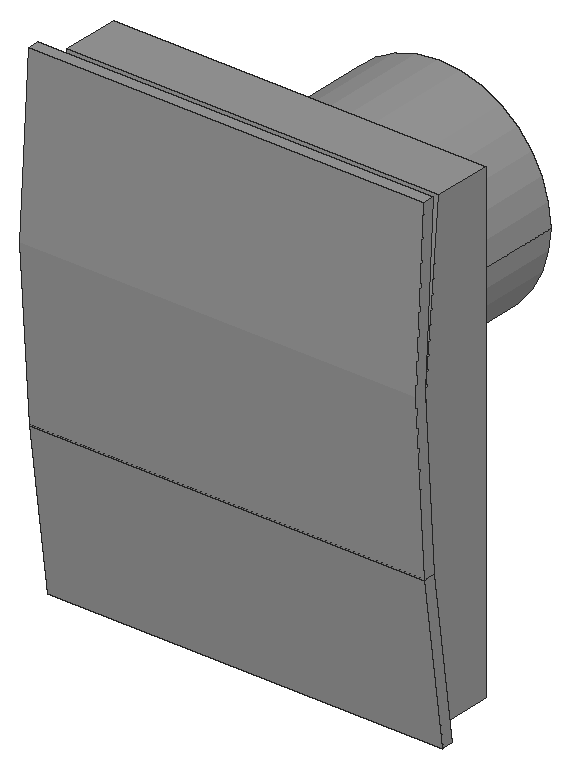
Revit family "Cabrio Base", category Mechanical Equipment, Revit 2021
Family settings
  Round Connector Dimension = Use Diameter
  Classification = None
  Part Type = Normal
  Work Plane-Based = No
  Always vertical = Yes
  Cut with Voids When Loaded = No
  Shared = No
  Room Calculation Point = No
Parameters (values of type "Cabrio Base 100 T (220-240V/60Hz)")
  Width = a  # 175 mm
  Weight = 0.55 kg
  Sound pressure level at 3 m distance = "25 dBA"
  Length = c + e  # 116 mm
  Height = b  # 221 mm
  Diameter = d  # 99 mm
  Default Elevation = 0 mm
  Description = "For round channels"  # constant formula
  Type Comments = ""
  Manufacturer = "Blauberg"  # constant formula
  d = 99 mm
  c = 77 mm
  b = 221 mm
  a = 175 mm
  Voltage = if(Number of Fase = 3, 400 V, 230 V)  # 230 V
  URL = "https://blaubergventilatoren.de/en/series/cabrio-base"
  Pressure_Static_Air [instance] = 0.0 m³/h
  Power = 9 W
  Number of Fase = 1
  Maximum Air Flow = 97.0 m³/h
  Maintenance zone material = none
  Load Classification = "HVAC"
  e = 39 mm
  Frequency = 60 Hz
  Dy = d - 5 mm  # 94 mm
  Casing Material = Plastic, opaque, white
  Apparent Load = Voltage * Amperage  # 13.8 W
  Amperage = 0.06 A
  Air Flow [instance] = 0.0 m³/h
  09_System_Name [instance] = ""
  00_20_Type = "Cabrio Base 100 T (220-240V/60Hz)"
  00_20_Name = "Extraction fan"  # constant formula
  00_20_Manufacturer = "Blauberg"  # constant formula
Types (5, lengths in mm): name | Frequency | 00_20_Type
  (no name) | 60 Hz | "Cabrio Base 100 T (220-240V/60Hz)"
  Cabrio Base 100 T | 50 Hz | "Cabrio Base 100 T"
  Cabrio Base 100 T (220-240V/60Hz) | 60 Hz | "Cabrio Base 100 T (220-240V/60Hz)"
  Cabrio Base 100 H | 50 Hz | "Cabrio Base 100 H"
  Cabrio Base 100 H (220-240V/60Hz) | 60 Hz | "Cabrio Base 100 H (220-240V/60Hz)"
Reference planes
  plane 1 "По центру (Вперед/Назад)": y = 0
  plane 2: z = 0
  plane 3 "По центру (Влево/Вправо)": x = 0
Forms (mm)
  Extrusion 1, solid, material "Plastic, opaque, white" <- "Casing Material"
    sketch origin (0, 0, 0) x (1, 0, 0) y (0, 0, 1)
      loop
        circle (0, 0) r 49.5
      loop
        circle (0, 0) r 47
    from -77 to 0
Dimensions and locks
  "c": plane 1 "По центру (Вперед/Назад)" to Extrusion 1
  "c": plane 1 "По центру (Вперед/Назад)" to nested 1
  "d": diameter of Extrusion 1 sketch curve
  "Dy": diameter of Extrusion 1 sketch curve
  aligned and locked: level to plane 2
  aligned and locked: plane 1 "По центру (Вперед/Назад)" to Extrusion 1
  aligned and locked: level to nested 1
  aligned and locked: nested 1 to plane 3 "По центру (Влево/Вправо)"
  aligned and locked: plane 1 "По центру (Вперед/Назад)" to nested 2
  aligned and locked: plane 3 "По центру (Влево/Вправо)" to nested 2
Automatic sketch dimensions
  Extrusion 1 sketch curve to Extrusion 1 sketch curve = 0 mm  (x2)
  Extrusion 1 sketch curve to level = 0 mm
  Extrusion 1 sketch curve to plane 3 "По центру (Влево/Вправо)" = 0 mm
Nested families
  nested 1: "fan" at (0, 53.756, 0) x (-1, 0, 0) z (0, -1, 0), type "fan"
  nested 2: "panel" at (0, 0, 0), type "100"
Connectors
  hvac at (0, 77, 0), driven by "d"
    settings: on Extrusion 1, index 1, duct flow 0.0 m³/h, flow factor 0, pres drop 0.0 Pa, loss coef 0, conn angle 0.00°, conn width 304.8 mm, conn height 304.8 mm, conn diameter 99 mm, duct sys type 3, conn prof type 0, flow config 0, flow direction 2, loss method 0, conn ref index -1, conn util no, is conn primary yes, conn desc ""
  electrical at (0, 77, 0), driven by "Voltage", driven by "Apparent Load"
    settings: on Extrusion 1, index 2, voltage 230 V, apparent load 13.8 W, apparent load phase1 0 W, apparent load phase2 0 W, apparent load phase3 0 W, power factor 1, load classification "Прочее", number of poles 1, system type 30, power factor state 1, is connector primary yes, connector utility no, sub classification motor no, connector description ""
Definition of nested family "fan"
  Parameters (values of type "Вентилятор")
    Default Elevation = 0 mm
    n = 10
    R = Dy / 2  # 47 mm
    Dy = 94 mm
  Reference planes
    plane 1 "По центру (Вперед/Назад)": y = 0
    plane 2: z = 0
    plane 3 "По центру (Влево/Вправо)": x = 0
    plane 4: z = 16
  Forms (mm)
    Extrusion 1, solid
      sketch origin (5, 0, 0) x (1, 0, 0) y (0, 0, 1)
        loop
          arc (-1.417, 0) -> (-5.784, 15.673) -> (-3.327, 31.756) r 38.725
          arc (-3.327, 31.756) -> (-13.26, 17.281) -> (-10.167, 0) r 23.13
          line (-10.167, 0) -> (-1.417, 0)
      from 17.36 to 47 <- "R"
    Extrusion 2, solid
      sketch origin (4.045, -2.939, 0) x (0.809017, -0.587785, 0) y (0, 0, 1)
        loop
          arc (-1.417, 0) -> (-5.784, 15.673) -> (-3.327, 31.756) r 38.725
          arc (-3.327, 31.756) -> (-13.26, 17.281) -> (-10.167, 0) r 23.13
          line (-10.167, 0) -> (-1.417, 0)
      from 17.36 to 47 <- "R"
    Extrusion 3, solid
      sketch origin (4.045, 2.939, 0) x (0.809017, 0.587785, 0) y (0, 0, 1)
        loop
          arc (-1.417, 0) -> (-5.784, 15.673) -> (-3.327, 31.756) r 38.725
          arc (-3.327, 31.756) -> (-13.26, 17.281) -> (-10.167, 0) r 23.13
          line (-10.167, 0) -> (-1.417, 0)
      from 17.36 to 47 <- "R"
    Extrusion 4, solid
      sketch origin (1.545, 4.755, 0) x (0.309017, 0.951057, 0) y (0, 0, 1)
        loop
          arc (-1.417, 0) -> (-5.784, 15.673) -> (-3.327, 31.756) r 38.725
          arc (-3.327, 31.756) -> (-13.26, 17.281) -> (-10.167, 0) r 23.13
          line (-10.167, 0) -> (-1.417, 0)
      from 17.36 to 47 <- "R"
    Extrusion 5, solid
      sketch origin (-1.545, 4.755, 0) x (-0.309017, 0.951057, 0) y (0, 0, 1)
        loop
          arc (-1.417, 0) -> (-5.784, 15.673) -> (-3.327, 31.756) r 38.725
          arc (-3.327, 31.756) -> (-13.26, 17.281) -> (-10.167, 0) r 23.13
          line (-10.167, 0) -> (-1.417, 0)
      from 17.36 to 47 <- "R"
    Extrusion 6, solid
      sketch origin (-4.045, 2.939, 0) x (-0.809017, 0.587785, 0) y (0, 0, 1)
        loop
          arc (-1.417, 0) -> (-5.784, 15.673) -> (-3.327, 31.756) r 38.725
          arc (-3.327, 31.756) -> (-13.26, 17.281) -> (-10.167, 0) r 23.13
          line (-10.167, 0) -> (-1.417, 0)
      from 17.36 to 47 <- "R"
    Extrusion 7, solid
      sketch origin (-5, 0, 0) x (-1, 0, 0) y (0, 0, 1)
        loop
          arc (-1.417, 0) -> (-5.784, 15.673) -> (-3.327, 31.756) r 38.725
          arc (-3.327, 31.756) -> (-13.26, 17.281) -> (-10.167, 0) r 23.13
          line (-10.167, 0) -> (-1.417, 0)
      from 17.36 to 47 <- "R"
    Extrusion 8, solid
      sketch origin (-4.045, -2.939, 0) x (-0.809017, -0.587785, 0) y (0, 0, 1)
        loop
          arc (-1.417, 0) -> (-5.784, 15.673) -> (-3.327, 31.756) r 38.725
          arc (-3.327, 31.756) -> (-13.26, 17.281) -> (-10.167, 0) r 23.13
          line (-10.167, 0) -> (-1.417, 0)
      from 17.36 to 47 <- "R"
    Revolve 9, solid
      sketch origin (0, 0, 0) x (1, 0, 0) y (0, 0, 1)
        loop
          line (0, -23.244) -> (20, -23.244) -> (20, 33.086)
          arc (20, 33.086) -> (10.356, 37.118) -> (0, 38.543) r 40.436
          line (0, 38.543) -> (0, -23.244)
        axis (0, 38.543) -> (0, -23.244)
      angle from 0 to 360
    Extrusion 10, solid
      sketch origin (-1.545, -4.755, 0) x (-0.309017, -0.951057, 0) y (0, 0, 1)
        loop
          arc (-1.417, 0) -> (-5.784, 15.673) -> (-3.327, 31.756) r 38.725
          arc (-3.327, 31.756) -> (-13.26, 17.281) -> (-10.167, 0) r 23.13
          line (-10.167, 0) -> (-1.417, 0)
      from 17.36 to 47 <- "R"
    Extrusion 11, solid
      sketch origin (1.545, -4.755, 0) x (0.309017, -0.951057, 0) y (0, 0, 1)
        loop
          arc (-1.417, 0) -> (-5.784, 15.673) -> (-3.327, 31.756) r 38.725
          arc (-3.327, 31.756) -> (-13.26, 17.281) -> (-10.167, 0) r 23.13
          line (-10.167, 0) -> (-1.417, 0)
      from 17.36 to 47 <- "R"
  Dimensions and locks
    locked: plane 4 to level at 16
    aligned and locked: level to plane 2
  Automatic sketch dimensions
    Extrusion 1 sketch curve to Extrusion 1 sketch curve = 8.75 mm
    Extrusion 1 sketch curve to Extrusion 1 sketch curve = 10.768 mm
    Extrusion 1 sketch curve to Extrusion 1 sketch curve = 23.52 mm
    Extrusion 1 sketch curve to Extrusion 1 sketch curve = 12.411 mm
    Extrusion 1 sketch curve to Extrusion 1 sketch curve = 5.588 mm
    Extrusion 2 sketch curve to Extrusion 2 sketch curve = 8.75 mm
    Extrusion 2 sketch curve to Extrusion 2 sketch curve = 10.768 mm
    Extrusion 2 sketch curve to Extrusion 2 sketch curve = 23.52 mm
    Extrusion 2 sketch curve to Extrusion 2 sketch curve = 12.411 mm
    Extrusion 2 sketch curve to Extrusion 2 sketch curve = 5.588 mm
    Extrusion 3 sketch curve to Extrusion 3 sketch curve = 8.75 mm
    Extrusion 3 sketch curve to Extrusion 3 sketch curve = 10.768 mm
    Extrusion 3 sketch curve to Extrusion 3 sketch curve = 23.52 mm
    Extrusion 3 sketch curve to Extrusion 3 sketch curve = 12.411 mm
    Extrusion 3 sketch curve to Extrusion 3 sketch curve = 5.588 mm
    Extrusion 4 sketch curve to Extrusion 4 sketch curve = 8.75 mm
    Extrusion 4 sketch curve to Extrusion 4 sketch curve = 10.768 mm
    Extrusion 4 sketch curve to Extrusion 4 sketch curve = 23.52 mm
    Extrusion 4 sketch curve to Extrusion 4 sketch curve = 12.411 mm
    Extrusion 4 sketch curve to Extrusion 4 sketch curve = 5.588 mm
    Extrusion 5 sketch curve to Extrusion 5 sketch curve = 8.75 mm
    Extrusion 5 sketch curve to Extrusion 5 sketch curve = 10.768 mm
    Extrusion 5 sketch curve to Extrusion 5 sketch curve = 23.52 mm
    Extrusion 5 sketch curve to Extrusion 5 sketch curve = 12.411 mm
    Extrusion 5 sketch curve to Extrusion 5 sketch curve = 5.588 mm
    Extrusion 6 sketch curve to Extrusion 6 sketch curve = 8.75 mm
    Extrusion 6 sketch curve to Extrusion 6 sketch curve = 10.768 mm
    Extrusion 6 sketch curve to Extrusion 6 sketch curve = 23.52 mm
    Extrusion 6 sketch curve to Extrusion 6 sketch curve = 12.411 mm
    Extrusion 6 sketch curve to Extrusion 6 sketch curve = 5.588 mm
    Extrusion 7 sketch curve to Extrusion 7 sketch curve = 8.75 mm
    Extrusion 7 sketch curve to Extrusion 7 sketch curve = 10.768 mm
    Extrusion 7 sketch curve to Extrusion 7 sketch curve = 23.52 mm
    Extrusion 7 sketch curve to Extrusion 7 sketch curve = 12.411 mm
    Extrusion 7 sketch curve to Extrusion 7 sketch curve = 5.588 mm
    Extrusion 8 sketch curve to Extrusion 8 sketch curve = 8.75 mm
    Extrusion 8 sketch curve to Extrusion 8 sketch curve = 10.768 mm
    Extrusion 8 sketch curve to Extrusion 8 sketch curve = 23.52 mm
    Extrusion 8 sketch curve to Extrusion 8 sketch curve = 12.411 mm
    Extrusion 8 sketch curve to Extrusion 8 sketch curve = 5.588 mm
    Revolve 9 sketch curve to plane 3 "По центру (Влево/Вправо)" = 0 mm  (x2)
    Revolve 9 sketch curve to plane 3 "По центру (Влево/Вправо)" = 0.288 mm
    plane 3 "По центру (Влево/Вправо)" to Revolve 9 sketch curve = 20 mm
    Revolve 9 sketch curve to level = 23.244 mm
    Revolve 9 sketch curve to level = 1.892 mm
    level to Revolve 9 sketch curve = 33.086 mm
    Revolve 9 sketch curve to Revolve 9 sketch curve = 3.543 mm
    Revolve 9 sketch curve to Revolve 9 sketch curve = 1.457 mm
    Extrusion 10 sketch curve to Extrusion 10 sketch curve = 8.75 mm
    Extrusion 10 sketch curve to Extrusion 10 sketch curve = 10.768 mm
    Extrusion 10 sketch curve to Extrusion 10 sketch curve = 23.52 mm
    Extrusion 10 sketch curve to Extrusion 10 sketch curve = 12.411 mm
    Extrusion 10 sketch curve to Extrusion 10 sketch curve = 5.588 mm
    Extrusion 11 sketch curve to Extrusion 11 sketch curve = 8.75 mm
    Extrusion 11 sketch curve to Extrusion 11 sketch curve = 10.768 mm
    Extrusion 11 sketch curve to Extrusion 11 sketch curve = 23.52 mm
    Extrusion 11 sketch curve to Extrusion 11 sketch curve = 12.411 mm
    Extrusion 11 sketch curve to Extrusion 11 sketch curve = 5.588 mm
Definition of nested family "panel"
  Parameters (values of type "100")
    Default Elevation = 0 mm
    Manufacturer = "Вентс"  # constant formula
    b1 = (B - 10 mm) / 2  # 82.5 mm
    b = B / 2  # 87.5 mm
    URL = "https://vents.ua/ua/modification/vents-100-style#description"
    T = 39 mm
    H1 = H - 10 mm  # 211 mm
    H = 221 mm
    Dy = 95 mm
    B1 = B - 10 mm  # 165 mm
    B = 175 mm
    -b1 = -(B - 10 mm) / 2  # -82.5 mm
    -b = -(B / 2)  # -87.5 mm
  Reference planes
    plane 1 "По центру (Вперед/Назад)": y = 0
    plane 2: z = 0
    plane 3 "По центру (Влево/Вправо)": x = 0
  Forms (mm)
    Extrusion 1, solid
      sketch origin (0, 0, 0) x (0, 1, 0) y (0, 0, 1)
        loop
          line (0, 70) -> (-26, 70)
          arc (-26, 70) -> (-36.175, -35.5) -> (-26, -141) r 552.038
          line (-26, -141) -> (0, -141) -> (0, 70)
      from 82.5 <- "b1" to -82.5 <- "-b1"
    Extrusion 2, void
      sketch origin (0, 0, 0) x (1, 0, 0) y (0, 0, 1)
        loop
          circle (0, 0) r 47.5
      from 26.16 to 0
    Extrusion 3, solid
      sketch origin (0, 0, 0) x (0, 1, 0) y (0, 0, 1)
        loop
          line (-34.76, -75) -> (-39.773, -75)
          arc (-39.773, -75) -> (-36.082, -110.656) -> (-30.105, -146) r 557.038
          line (-30.105, -146) -> (-25.003, -146)
          arc (-25.003, -146) -> (-31.035, -110.659) -> (-34.76, -75) r 552.038
      from 87.5 <- "b" to -87.5 <- "-b"
    Extrusion 4, solid
      sketch origin (0, -5.316, 2.242) x (0, 0.997564, 0.069756) y (0, -0.069756, 0.997564)
        loop
          line (-25.003, 75) -> (-30.105, 75)
          arc (-30.105, 75) -> (-40.021, 0.328) -> (-39.773, -75) r 557.038
          line (-39.773, -75) -> (-34.76, -75)
          arc (-34.76, -75) -> (-35.011, 0.334) -> (-25.003, 75) r 552.038
      from 87.5 to -87.5
  Cuts and joins
    Extrusion 2 cuts Extrusion 1
  Dimensions and locks
    level to Extrusion 1 sketch curve = 70 mm
    "H1": Extrusion 1 sketch curve to Extrusion 1 sketch curve
    plane 1 "По центру (Вперед/Назад)" to Extrusion 1 sketch curve = 36.175 mm
    Extrusion 3 sketch curve to cut or joined group of Extrusion 1, Extrusion 2 = 5 mm
    level to Extrusion 3 sketch curve = 75 mm
    "Dy": diameter of Extrusion 2 sketch curve
    aligned and locked: level to plane 2
  Automatic sketch dimensions
    Extrusion 1 sketch curve to plane 1 "По центру (Вперед/Назад)" = 0 mm
    plane 1 "По центру (Вперед/Назад)" to Extrusion 1 sketch curve = 26 mm  (x2)
    Extrusion 2 sketch curve to level = 0 mm
    Extrusion 2 sketch curve to plane 3 "По центру (Влево/Вправо)" = 0 mm
    Extrusion 3 sketch curve to Extrusion 3 sketch curve = 0 mm  (x2)
    plane 1 "По центру (Вперед/Назад)" to Extrusion 3 sketch curve = 39.773 mm
    Extrusion 3 sketch curve to Extrusion 3 sketch curve = 5.013 mm
    plane 1 "По центру (Вперед/Назад)" to Extrusion 3 sketch curve = 30.105 mm
    Extrusion 3 sketch curve to Extrusion 3 sketch curve = 5.102 mm
    Extrusion 3 sketch curve to Extrusion 3 sketch curve = 71 mm
    Extrusion 4 sketch curve to Extrusion 4 sketch curve = 0 mm  (x2)
    plane 1 "По центру (Вперед/Назад)" to Extrusion 4 sketch curve = 39.76 mm
    Extrusion 4 sketch curve to level = 75.35 mm
    Extrusion 4 sketch curve to Extrusion 4 sketch curve = 5.013 mm
    Extrusion 4 sketch curve to Extrusion 4 sketch curve = 4.655 mm
    Extrusion 4 sketch curve to Extrusion 4 sketch curve = 5.102 mm
    Extrusion 4 sketch curve to Extrusion 4 sketch curve = 39.5 mm
